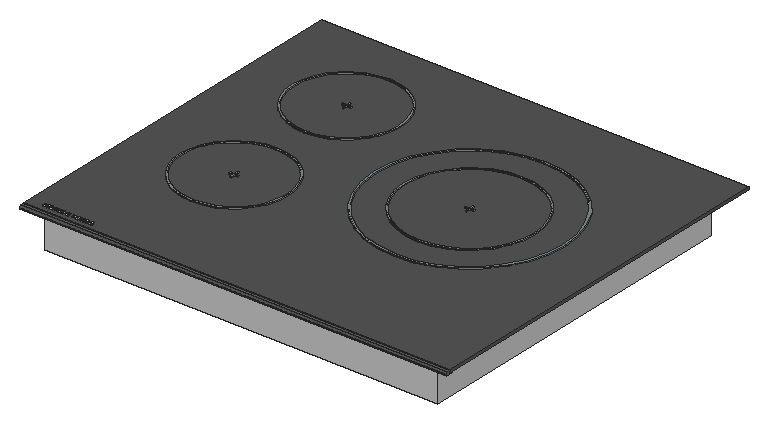
Revit family "FP_Revit_18_CI603DTB4_Cooktop_90000846A", category Specialty Equipment, Revit 2018
Family settings
  Round Connector Dimension = Use Diameter
  Part Type = Normal
  OmniClass Number = 23.40.40.14.17.11
  OmniClass Title = Cookers, Ovens, Stoves
  Work Plane-Based = No
  Always vertical = Yes
  Cut with Voids When Loaded = Yes
  Shared = No
  Room Calculation Point = No
Parameters
  Visibility - Clearance Required = yes
  URL = "www.fisherpaykel.com"
  Product - Width = 599 mm  # constant formula
  Product - Height = 54 mm  # constant formula
  Product - Depth = 530 mm  # constant formula
  Model = "CI603DTB4"
  Material - Trim = Fisher & Paykel - Aluminium, Dark
  Material - Graphics = Fisher & Paykel - Graphics Grey
  Material - Cooktop = Fisher & Paykel - Glass, Black
  Material - Body = Fisher & Paykel - Grey
  Manufacturer = "Fisher & Paykel Appliances"
  FFL Offset [instance] = 900 mm
  Description = "60cm Induction Cooktop"
  Connector Note - Electrical = "220-240 V, 30 A, 50 Hz,"
  Clearance - Side Combustible = 30 mm  # constant formula
  Clearance - Rear Combustible = 30 mm  # constant formula
  Clearance - Overhead Rangehood = 650 mm  # constant formula
  Clearance - Below = 65 mm  # constant formula
  Chassis - Width = 552 mm  # constant formula
  Chassis - Height = 49 mm  # constant formula
  Chassis - Depth = 480 mm  # constant formula
  Cavity - Width = 560 mm  # constant formula
  Cavity - Height = 65 mm  # constant formula
  Cavity - Depth = 490 mm  # constant formula
Reference planes
  plane 1 "Datum": y = 0
  plane 2: z = 0
  plane 3 "Center (Left/Right)": x = 0
  plane 4 "Product LHS": x = -299.5
  plane 5 "Product RHS": x = 299.5
  plane 6 "Product - Depth": y = 530
  plane 7 "Cavity LHS": x = -280
  plane 8 "Cavity RHS": x = 280
  plane 9 "Cavity - Depth": y = 497.2
  plane 10 "Chassis Front": y = 13.2
  plane 11 "Chassis - Depth": y = 493.2
  plane 12 "Cavity - Front": y = 7.2
  plane 13 "Basepan": z = 851
  plane 14 "Benchtop": z = 900
  plane 15 "Glass": z = 905
Forms (mm)
  Extrusion 1, solid, material "Fisher & Paykel - Glass, Black" <- "Material - Cooktop"
    sketch origin (0, 0, 0) x (0, 1, 0) y (0, 0, 1)
      loop
        line (5.299, 905) -> (5.299, 901) -> (530, 901) -> (530, 905) -> (5.299, 905)
    from -299.5 to 299.5
  Extrusion 2, solid, material "Fisher & Paykel - Aluminium, Dark" <- "Material - Trim", detail levels fine
    sketch origin (0, 0, 0) x (0, 1, 0) y (0, 0, 1)
      loop
        line (5.299, 905) -> (0.45, 905) -> (0, 901.5) -> (0, 900) -> (8.39, 900) -> (8.39, 901) -> (5.299, 901) -> (5.299, 905)
    from -299.5 to 299.5
  Extrusion 3, solid, material "Fisher & Paykel - Clearance Required (Cutout)", visible <- "Visibility - Clearance Required", detail levels coarse
    sketch origin (0, 24.768, 0) x (1, 0, 0) y (0, 1, 0)
      loop
        line (-280, 472.432) -> (-280, -17.568) -> (280, -17.568) -> (280, 472.432) -> (-280, 472.432)
    from 835 to 900
  Extrusion 4, solid, material "Fisher & Paykel - Aluminium, Dark" <- "Material - Trim", detail levels coarse+medium
    sketch origin (0, 0, 0) x (0, 1, 0) y (0, 0, 1)
      loop
        line (5.299, 905) -> (0, 905) -> (0, 900) -> (5.299, 900) -> (5.299, 905)
    from -299.5 to 299.5
  Extrusion 5, solid, material "Fisher & Paykel - Clearance Required (Rangehood)", visible <- "Visibility - Clearance Required", detail levels coarse
    sketch origin (0, 0, 0) x (1, 0, 0) y (0, 1, 0)
      loop
        line (-310, 0) -> (310, 0) -> (310, 527.2) -> (-310, 527.2) -> (-310, 0)
    from 905 to 1555
  Extrusion 6, solid, material "Fisher & Paykel - Grey" <- "Material - Body"
    sketch origin (0, 0, 0) x (0, 1, 0) y (0, 0, 1)
      loop
        line (493.2, 851) -> (493.2, 900) -> (13.2, 900) -> (13.2, 851) -> (493.2, 851)
    from -276 to 276
  Extrusion 7, solid, material "Fisher & Paykel - Graphics Grey" <- "Material - Graphics", detail levels fine
    sketch origin (0, 0, 0) x (1, 0, 0) y (0, 1, 0)
      loop
        line (92.778, 306.424) -> (90.81, 306.424) -> (90.81, 301.258) -> (85.644, 301.258) -> (85.644, 299.29) -> (90.81, 299.29) -> (90.81, 294.124) -> (92.778, 294.124) -> (92.778, 299.29) -> (97.944, 299.29) -> (97.944, 301.258) -> (92.778, 301.258) -> (92.778, 306.424)
      loop
        line (-157.022, 402.439) -> (-158.989, 402.439) -> (-158.989, 397.272) -> (-164.156, 397.272) -> (-164.156, 395.304) -> (-158.989, 395.304) -> (-158.989, 390.138) -> (-157.022, 390.138) -> (-157.022, 395.304) -> (-151.856, 395.304) -> (-151.856, 397.272) -> (-157.022, 397.272) -> (-157.022, 402.439)
      loop
        line (-157.022, 204.994) -> (-158.989, 204.994) -> (-158.989, 199.828) -> (-164.156, 199.828) -> (-164.156, 197.86) -> (-158.989, 197.86) -> (-158.989, 192.694) -> (-157.022, 192.694) -> (-157.022, 197.86) -> (-151.856, 197.86) -> (-151.856, 199.828) -> (-157.022, 199.828) -> (-157.022, 204.994)
      loop
        circle (-158.006, 396.288) r 75.498
      loop
        circle (-158.006, 396.288) r 73.297
      loop
        circle (-158.006, 198.844) r 75.501
      loop
        circle (-158.006, 198.844) r 73.252
      loop
        circle (91.794, 300.274) r 89.94
      loop
        circle (91.794, 300.274) r 91.936
      loop
        circle (91.794, 300.274) r 131.006
      loop
        circle (91.794, 300.274) r 133.942
    from 905 to 906
  Extrusion 8, solid, material "Fisher & Paykel - Grey" <- "Material - Body", detail levels fine
    sketch origin (0, 0, 0) x (1, 0, 0) y (0, 1, 0)
      loop
        circle (0, 473.2) r 5
    from 845 to 851
  Extrusion 9, solid, material "Fisher & Paykel - Grey" <- "Material - Body"
    sketch origin (0, 0, 0) x (1, 0, 0) y (0, 1, 0)
      loop
        line (-283, 520.2) -> (-283, 8.39) -> (283, 8.39) -> (283, 520.2) -> (-283, 520.2)
    from 900 to 901
  Extrusion 10, void
    sketch origin (0, 24.768, 0) x (1, 0, 0) y (0, 1, 0)
      loop
        line (-280, 472.432) -> (-280, -17.568) -> (280, -17.568) -> (280, 472.432) -> (-280, 472.432)
    from 835 to 900
Text (mm)
  text "Due to ongoing product development, product details are subject to change without notice. \nPlease always refer to www.fisherpaykel.com for the most current product information. \n© Fisher & Paykel 2020" at (41.04, -102.478, 0), in view "Ref. Level (Plan)"
Dimensions and locks
  equal spacing: plane 4 "Product LHS", plane 3 "Center (Left/Right)", plane 5 "Product RHS"
  "Product - Width": plane 4 "Product LHS" to plane 5 "Product RHS"
  equal spacing: plane 7 "Cavity LHS", plane 3 "Center (Left/Right)", plane 8 "Cavity RHS"
  "Cavity - Width": plane 7 "Cavity LHS" to plane 8 "Cavity RHS"
  "Product - Depth": Extrusion 1 to plane 1 "Datum"
  equal spacing: Extrusion 6, plane 3 "Center (Left/Right)", Extrusion 6
  "Chassis - Width": Extrusion 6 to Extrusion 6
  locked: plane 1 "Datum" to plane 10 "Chassis Front" at 13.2
  plane 10 "Chassis Front" to plane 12 "Cavity - Front" = 6 mm
  "Cavity - Depth": plane 9 "Cavity - Depth" to plane 12 "Cavity - Front"
  "Chassis - Depth": plane 11 "Chassis - Depth" to plane 10 "Chassis Front"
  locked: plane 15 "Glass" to plane 14 "Benchtop" at 5
  "Chassis - Height": plane 14 "Benchtop" to plane 13 "Basepan"
  "FFL Offset": plane 14 "Benchtop" to level
  "Clearance - Below": plane 14 "Benchtop" to Extrusion 3
  locked: plane 14 "Benchtop" to Extrusion 8 at 55
  locked: plane 15 "Glass" to Extrusion 1 sketch curve at 4
  locked: Extrusion 7 to plane 15 "Glass" at 1
  "Clearance - Overhead Rangehood": Extrusion 5 to plane 15 "Glass"
  locked: nested 1 to plane 15 "Glass" at 0.8
  "Clearance - Rear Combustible": plane 9 "Cavity - Depth" to Extrusion 5
  "Clearance - Side Combustible": plane 8 "Cavity RHS" to Extrusion 5
  "Clearance - Side Combustible": Extrusion 5 to plane 7 "Cavity LHS"
  aligned and locked: level to plane 2
  aligned and locked: Extrusion 1 to plane 5 "Product RHS"
  aligned and locked: plane 4 "Product LHS" to Extrusion 1
  aligned and locked: Extrusion 2 to plane 5 "Product RHS"
  aligned and locked: plane 4 "Product LHS" to Extrusion 4
  aligned and locked: Extrusion 4 to plane 5 "Product RHS"
  aligned and locked: Extrusion 4 to Extrusion 1
  aligned and locked: Extrusion 1 to Extrusion 4  (x2)
  aligned and locked: plane 9 "Cavity - Depth" to Extrusion 3
  aligned and locked: plane 4 "Product LHS" to Extrusion 2
  aligned and locked: plane 11 "Chassis - Depth" to Extrusion 6
  aligned and locked: Extrusion 8 to Extrusion 6
  aligned and locked: plane 14 "Benchtop" to Extrusion 3
  aligned and locked: Extrusion 5 to plane 15 "Glass"
  aligned and locked: Extrusion 3 to Extrusion 6
  aligned and locked: Extrusion 6 to plane 13 "Basepan"
  aligned and locked: Extrusion 1 sketch curve to plane 15 "Glass"
  aligned and locked: Extrusion 7 to Extrusion 1
  aligned and locked: Extrusion 2 sketch curve to plane 14 "Benchtop"
  aligned and locked: Extrusion 2 sketch curve to Extrusion 1
  aligned and locked: plane 15 "Glass" to Extrusion 2 sketch curve
  aligned and locked: Extrusion 4 to Extrusion 2
  aligned and locked: Extrusion 2 to Extrusion 9
  aligned and locked: Extrusion 9 to Extrusion 1
  aligned and locked: Extrusion 10 to Extrusion 3  (x2)
Automatic sketch dimensions
  Extrusion 1 sketch curve to plane 6 "Product - Depth" = 0 mm
  Extrusion 1 sketch curve to plane 12 "Cavity - Front" = 1.901 mm
  Extrusion 2 sketch curve to plane 1 "Datum" = 0 mm
  Extrusion 2 sketch curve to plane 1 "Datum" = 0.45 mm
  Extrusion 2 sketch curve to plane 12 "Cavity - Front" = 1.901 mm
  plane 12 "Cavity - Front" to Extrusion 2 sketch curve = 1.189 mm
  plane 14 "Benchtop" to Extrusion 2 sketch curve = 1.5 mm
  Extrusion 3 sketch curve to plane 12 "Cavity - Front" = 0 mm
  plane 9 "Cavity - Depth" to Extrusion 3 sketch curve = 0 mm
  plane 7 "Cavity LHS" to Extrusion 3 sketch curve = 0 mm
  Extrusion 3 sketch curve to plane 8 "Cavity RHS" = 0 mm
  Extrusion 4 sketch curve to plane 1 "Datum" = 0 mm
  Extrusion 4 sketch curve to plane 14 "Benchtop" = 0 mm
  Extrusion 4 sketch curve to plane 15 "Glass" = 0 mm
  Extrusion 4 sketch curve to plane 12 "Cavity - Front" = 1.901 mm
  plane 1 "Datum" to Extrusion 5 sketch curve = 0 mm
  Extrusion 5 sketch curve to plane 6 "Product - Depth" = 2.8 mm
  plane 4 "Product LHS" to Extrusion 5 sketch curve = 10.5 mm
  Extrusion 5 sketch curve to plane 5 "Product RHS" = 10.5 mm
  Extrusion 6 sketch curve to plane 10 "Chassis Front" = 0 mm
  Extrusion 6 sketch curve to plane 11 "Chassis - Depth" = 0 mm
  Extrusion 6 sketch curve to plane 13 "Basepan" = 0 mm
  Extrusion 6 sketch curve to plane 14 "Benchtop" = 0 mm
  Extrusion 7 sketch curve to Extrusion 7 sketch curve = 0 mm  (x22)
  Extrusion 7 sketch curve to plane 7 "Cavity LHS" = 115.844 mm  (x2)
  Extrusion 7 sketch curve to Extrusion 7 sketch curve = 5.166 mm  (x12)
  Extrusion 7 sketch curve to Extrusion 7 sketch curve = 0.984 mm  (x11)
  Extrusion 7 sketch curve to Extrusion 7 sketch curve = 1.968 mm  (x7)
  plane 3 "Center (Left/Right)" to Extrusion 7 sketch curve = 85.644 mm
  plane 10 "Chassis Front" to Extrusion 7 sketch curve = 179.494 mm
  Extrusion 7 sketch curve to plane 11 "Chassis - Depth" = 199.076 mm
  Extrusion 7 sketch curve to plane 11 "Chassis - Depth" = 103.062 mm
  Extrusion 8 sketch curve to plane 3 "Center (Left/Right)" = 0 mm
  Extrusion 8 sketch curve to plane 11 "Chassis - Depth" = 20 mm
  plane 12 "Cavity - Front" to Extrusion 9 sketch curve = 1.189 mm
  plane 7 "Cavity LHS" to Extrusion 9 sketch curve = 3 mm
  Extrusion 9 sketch curve to plane 8 "Cavity RHS" = 3 mm
  Extrusion 9 sketch curve to plane 6 "Product - Depth" = 9.8 mm
  Extrusion 10 sketch curve to plane 12 "Cavity - Front" = 0 mm
  plane 9 "Cavity - Depth" to Extrusion 10 sketch curve = 0 mm
  plane 7 "Cavity LHS" to Extrusion 10 sketch curve = 0 mm
  Extrusion 10 sketch curve to plane 8 "Cavity RHS" = 0 mm
  radius of Extrusion 7 sketch curve = 75.498 mm
  radius of Extrusion 7 sketch curve = 73.297 mm
  radius of Extrusion 7 sketch curve = 75.501 mm
  radius of Extrusion 7 sketch curve = 73.252 mm
  radius of Extrusion 7 sketch curve = 89.94 mm
  radius of Extrusion 7 sketch curve = 91.936 mm
  radius of Extrusion 7 sketch curve = 131.006 mm
  radius of Extrusion 7 sketch curve = 133.942 mm
  radius of Extrusion 8 sketch curve = 5 mm
Nested families
  nested 1: "F&P Logo 70mm Horizontal" at (-244.001, 14.253, 905), type "F&P Logo 70mm Horizontal"
Connectors
  electrical at (0, 473.2, 845), driven by "Connector Note - Electrical"
    settings: on Extrusion 8, index 1, voltage 230 V, apparent load 0 VA, apparent load phase1 0 VA, apparent load phase2 0 VA, apparent load phase3 0 VA, power factor 1, load classification "Other", number of poles 1, system type 30, power factor state 1, is connector primary yes, connector utility no, sub classification motor no, connector description "220-240 V, 30 A, 50 Hz,"
Definition of nested family "F&P Logo 70mm Horizontal"
  Parameters (values of type "F&P Logo 70mm Horizontal")
    URL = "www.fisherpaykel.com"
    Material - Logo = none
    Manufacturer = "Fisher & Paykel Appliances"
  Reference planes
    plane 1 "Center (Front/Back)": y = 0
    plane 2: z = 0
    plane 3 "Center (Left/Right)": x = 0
  Forms (mm)
    Extrusion 1, solid, material <- "Material - Logo", detail levels fine
      sketch origin (0, 0, 0) x (1, 0, 0) y (0, 1, 0)
        loop
          line (-34.997, -0.356) -> (-33.895, -0.356) -> (-33.895, 1.141) -> (-32.174, 1.141) -> (-32.174, 2.075) -> (-33.895, 2.075) -> (-33.895, 2.943) -> (-32.023, 2.943) -> (-32.023, 3.872) -> (-34.997, 3.872) -> (-34.997, -0.356)
        loop
          line (-29.929, 3.872) -> (-29.929, -0.356) -> (-28.828, -0.356) -> (-28.828, 3.872) -> (-29.929, 3.872)
        loop
          line (-21.473, 3.872) -> (-21.473, -0.356) -> (-20.372, -0.356) -> (-20.372, 1.338) -> (-18.754, 1.338) -> (-18.754, -0.356) -> (-17.652, -0.356) -> (-17.652, 3.872) -> (-18.754, 3.872) -> (-18.754, 2.268) -> (-20.372, 2.268) -> (-20.372, 3.872) -> (-21.473, 3.872)
        loop
          line (-15.301, 3.872) -> (-15.301, -0.356) -> (-12.288, -0.356) -> (-12.288, 0.444) -> (-14.209, 0.444) -> (-14.209, 1.338) -> (-12.453, 1.338) -> (-12.453, 2.268) -> (-14.209, 2.268) -> (-14.209, 3.072) -> (-12.288, 3.072) -> (-12.288, 3.872) -> (-15.301, 3.872)
        loop
          line (32, 3.872) -> (32, -0.356) -> (35.003, -0.356) -> (35.003, 0.574) -> (33.102, 0.574) -> (33.102, 3.872) -> (32, 3.872)
        loop
          line (29.735, 3.872) -> (26.712, 3.872) -> (26.712, -0.356) -> (29.735, -0.356) -> (29.735, 0.444) -> (27.814, 0.444) -> (27.814, 1.338) -> (29.57, 1.338) -> (29.57, 2.268) -> (27.814, 2.268) -> (27.814, 3.072) -> (29.735, 3.072) -> (29.735, 3.872)
        loop
          line (23.449, 1.848) -> (25.012, 3.872) -> (23.724, 3.872) -> (22.374, 2.124) -> (22.374, 3.872) -> (21.273, 3.872) -> (21.273, -0.356) -> (22.374, -0.356) -> (22.374, 1.538) -> (23.765, -0.356) -> (25.067, -0.356) -> (23.449, 1.848)
        loop
          line (15.42, 3.872) -> (17.017, 1.338) -> (17.017, -0.356) -> (18.119, -0.356) -> (18.119, 1.283) -> (19.717, 3.872) -> (18.546, 3.872) -> (17.603, 2.239) -> (16.66, 3.872) -> (15.42, 3.872)
        loop
          line (12.969, 3.872) -> (11.922, 3.872) -> (10.2, -0.356) -> (11.282, -0.356) -> (11.585, 0.422) -> (13.278, 0.422) -> (13.581, -0.356) -> (14.69, -0.356) -> (12.969, 3.872)
        loop
          line (12.913, 1.352) -> (12.419, 2.566) -> (11.946, 1.352) -> (12.913, 1.352)
        loop
          line (5.556, 3.872) -> (5.556, -0.356) -> (6.653, -0.356) -> (6.653, 1.001) -> (7.453, 1.001)
          spline (7.453, 1.001) -> (7.884, 1.05) -> (8.285, 1.193) -> (8.63, 1.421) -> (8.895, 1.719) -> (9.061, 2.065) -> (9.118, 2.436) -> (9.061, 2.808) -> (8.895, 3.154) -> (8.63, 3.452) -> (8.285, 3.68) -> (7.884, 3.823) -> (7.453, 3.872)
          line (7.453, 3.872) -> (5.556, 3.872)
        loop
          spline (7.385, 1.882) -> (7.558, 1.9) -> (7.72, 1.953) -> (7.858, 2.037) -> (7.965, 2.147) -> (8.032, 2.275) -> (8.055, 2.412) -> (8.032, 2.55) -> (7.965, 2.677) -> (7.858, 2.787) -> (7.72, 2.872) -> (7.558, 2.924) -> (7.385, 2.943)
          line (7.385, 2.943) -> (6.585, 2.943) -> (6.585, 1.882) -> (7.385, 1.882)
        loop
          line (-8.294, 2.943) -> (-9.094, 2.943) -> (-9.094, 1.781) -> (-8.294, 1.781)
          spline (-8.294, 1.781) -> (-8.121, 1.801) -> (-7.96, 1.859) -> (-7.822, 1.951) -> (-7.716, 2.072) -> (-7.649, 2.212) -> (-7.626, 2.362) -> (-7.649, 2.512) -> (-7.716, 2.652) -> (-7.822, 2.772) -> (-7.96, 2.865) -> (-8.121, 2.923) -> (-8.294, 2.943)
        loop
          line (-8.214, 3.872) -> (-10.262, 3.872) -> (-10.262, -0.356) -> (-9.094, -0.356) -> (-9.094, 0.492) -> (-8.294, 0.492) -> (-7.647, -0.356) -> (-6.373, -0.356) -> (-7.445, 1.016)
          spline (-7.445, 1.016) -> (-7.148, 1.205) -> (-6.902, 1.45) -> (-6.72, 1.739) -> (-6.611, 2.058) -> (-6.58, 2.391) -> (-6.628, 2.723) -> (-6.754, 3.037) -> (-6.95, 3.317) -> (-7.208, 3.551) -> (-7.515, 3.726) -> (-7.856, 3.835) -> (-8.214, 3.872)
        loop
          line (0.368, 2.943) -> (0.368, 3.951) -> (-2.559, 3.951) -> (-2.559, 3.151) -> (-2.048, 2.522)
          spline (-2.048, 2.522) -> (-2.373, 2.187) -> (-2.606, 1.789) -> (-2.731, 1.355) -> (-2.74, 0.914) -> (-2.632, 0.497) -> (-2.414, 0.133) -> (-2.102, -0.155) -> (-1.716, -0.347) -> (-1.283, -0.429) -> (-0.832, -0.395) -> (-0.395, -0.249) -> (0, 0)
          line (0, 0) -> (0.504, -0.621) -> (1.644, -0.621) -> (0.602, 0.712) -> (1.591, 2.137) -> (0.459, 2.137) -> (0.003, 1.48) -> (-1.14, 2.943) -> (0.368, 2.943)
        loop
          spline (-1.353, 1.874) -> (-1.563, 1.673) -> (-1.729, 1.449) -> (-1.839, 1.217) -> (-1.886, 0.992) -> (-1.867, 0.792) -> (-1.783, 0.627) -> (-1.639, 0.511) -> (-1.447, 0.451) -> (-1.218, 0.451) -> (-0.968, 0.512) -> (-0.714, 0.628) -> (-0.475, 0.792)
          line (-0.475, 0.792) -> (-1.353, 1.874)
        loop
          arc (-25.449, 3.004) -> (-24.591, 2.949) -> (-23.808, 2.592) r 2.379
          line (-23.808, 2.592) -> (-23.808, 3.586)
          arc (-23.808, 3.586) -> (-24.619, 3.915) -> (-25.494, 3.936) r 2.437
          arc (-25.494, 3.936) -> (-26.617, 2.99) -> (-26.18, 1.588) r 1.327
          arc (-26.18, 1.588) -> (-25.746, 1.367) -> (-25.276, 1.236) r 2.46
          spline (-25.276, 1.236) -> (-25.124, 1.211) -> (-24.98, 1.158) -> (-24.856, 1.083) -> (-24.761, 0.989) -> (-24.703, 0.886) -> (-24.686, 0.78) -> (-24.713, 0.681) -> (-24.78, 0.596) -> (-24.882, 0.532) -> (-25.011, 0.494) -> (-25.158, 0.485) -> (-25.311, 0.505)
          arc (-25.311, 0.505) -> (-26.045, 0.647) -> (-26.714, 0.98) r 2.761
          line (-26.714, 0.98) -> (-26.714, -0.067)
          arc (-26.714, -0.067) -> (-25.66, -0.377) -> (-24.564, -0.318) r 3.237
          arc (-24.564, -0.318) -> (-23.597, 0.72) -> (-24.205, 2.002) r 1.263
          arc (-24.205, 2.002) -> (-24.834, 2.249) -> (-25.488, 2.42) r 5.78
          spline (-25.488, 2.42) -> (-25.537, 2.449) -> (-25.58, 2.49) -> (-25.615, 2.541) -> (-25.639, 2.6) -> (-25.653, 2.664) -> (-25.654, 2.73) -> (-25.644, 2.795) -> (-25.622, 2.856) -> (-25.59, 2.909) -> (-25.549, 2.953) -> (-25.502, 2.985) -> (-25.449, 3.004)
      from 0 to 0.8
  Dimensions and locks
    Extrusion 1 sketch curve to Extrusion 1 sketch curve = 70 mm
    aligned and locked: level to plane 2
